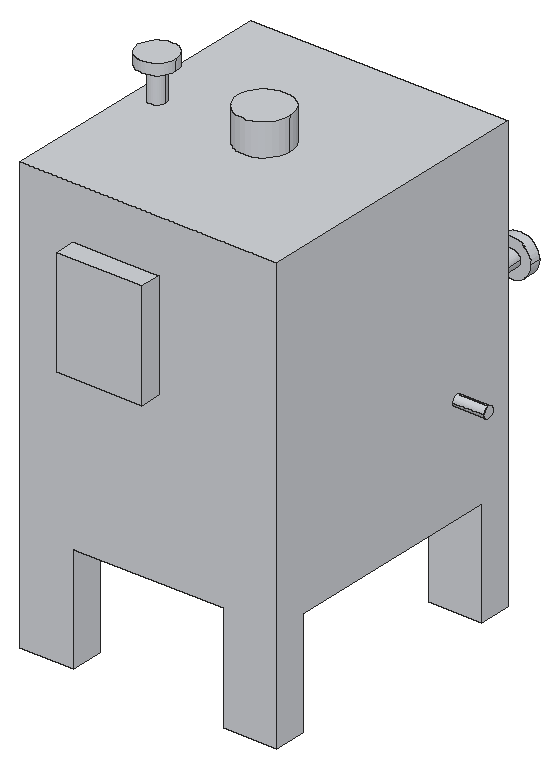
Revit family "M_Caldeira aquatubular - 44-733 kW", category Equipamento mecânico, Revit 2019
Family settings
  Cota do conector redondo = Usar raio
  Tipo de parte = Normal
  Número OmniClass = 23.75.10.11.14.34
  Título OmniClass = Steel Water-Tube Boilers
  ID de item do Seek = Watertube Boiler - 44-733 kW-0000-CAN-ENU
  Com base no plano de trabalho = Não
  Sempre na vertical = Sim
  Corte com vazios quando carregada = Não
  Compartilhado = Não
  Ponto de cálculo do ambiente = Não
Parameters (values of type "44 kW")
  Volume de água [instance] = 0.368 m³
  Queda de pressão da água [instance] = 1800.0 Pa
  Fluxo da água [instance] = 1.89 L/s
  Voltagem = 120 V
  Raio da ventilação = 62.5 mm
  Diâmetro da ventilação = Raio da ventilação * 2  # 125 mm
  Comprimento da tubulação 2 = Comprimento da tubulação 1  # 51 mm
  Comprimento da tubulação 1 = 51 mm
  Altura da tubulação 1 = 692 mm
  Calor de saída [instance] = 36500 W
  Número de pólos = 1
  Calor de entrada [instance] = 44000 W
  Raio da água quente = Raio da água gelada  # 20 mm
  Diâmetro da água quente = Raio da água quente * 2  # 40 mm
  Superfície do aquecimento = 1.951 m²
  Raio do gás = 10 mm
  Fluxo de gás [instance] = 0.0 L/s
  Diâmetro do gás = Raio do gás * 2  # 20 mm
  Raio da água quente da flange = Raio da água quente + 25 mm  # 45 mm
  Raio da água fria da flange = Raio da água gelada + 25 mm  # 45 mm
  Fluxo do ar de exaustão [instance] = 0.0 L/s
  Raio da água gelada = 20 mm
  Diâmetro da água gelada = Raio da água gelada * 2  # 40 mm
  Largura da caldeira = 686 mm
  Material do boiler = none
  Comprimento da caldeira = 610 mm
  Altura da caldeira = 1035 mm
  BHP [instance] = 3.7
  Carga aparente = 120 VA
Types (9, lengths in mm): name | Volume de água | Queda de pressão da água | Fluxo da água | Raio da ventilação | Diâmetro da ventilação | Comprimento da tubulação 2 | Comprimento da tubulação 1 | Altura da tubulação 1 | Calor de saída | Calor de entrada | Raio da água quente | Diâmetro da água quente | Superfície do aquecimento | Raio do gás | Diâmetro do gás | Raio da água quente da flange | Raio da água fria da flange | Raio da água gelada | Diâmetro da água gelada | Largura da caldeira | Comprimento da caldeira | Altura da caldeira | BHP
  (no name) | 0.368 m³ | 1800.0 Pa | 1.89 L/s | 62.5 | 125 | 51 | 51 | 692 | 36500 W | 44000 W | 20 | 40 | 1.951 m² | 10 | 20 | 45 | 45 | 20 | 40 | 686 | 610 | 1035 | 3.7
  44 kW | 0.368 m³ | 1800.0 Pa | 1.89 L/s | 62.5 | 125 | 51 | 51 | 692 | 36500 W | 44000 W | 20 | 40 | 1.951 m² | 10 | 20 | 45 | 45 | 20 | 40 | 686 | 610 | 1035 | 3.7
  73 kW | 0.453 m³ | 2800.0 Pa | 2.52 L/s | 87.5 | 175 | 51 | 51 | 692 | 61000 W | 73000 W | 20 | 40 | 3.066 m² | 10 | 20 | 45 | 45 | 20 | 40 | 686 | 864 | 1035 | 6.2
  103 kW | 0.538 m³ | 4800.0 Pa | 3.15 L/s | 100 | 200 | 51 | 51 | 692 | 85000 W | 103000 W | 20 | 40 | 4.274 m² | 10 | 20 | 45 | 45 | 20 | 40 | 686 | 1118 | 1035 | 8.7
  185 kW | 1.133 m³ | 7200.0 Pa | 3.79 L/s | 125 | 250 | 76 | 76 | 737 | 153000 W | 185000 W | 20 | 40 | 7.711 m² | 12.5 | 25 | 45 | 45 | 20 | 40 | 813 | 1175 | 1130 | 15.6
  246 kW | 1.331 m³ | 9600.0 Pa | 4.42 L/s | 150 | 300 | 76 | 76 | 737 | 204000 W | 246000 W | 20 | 40 | 10.312 m² | 12.5 | 25 | 45 | 45 | 20 | 40 | 813 | 1480 | 1130 | 20.8
  308 kW | 1.869 m³ | 1800.0 Pa | 6.31 L/s | 175 | 350 | 83 | 83 | 768 | 255000 W | 308000 W | 40 | 80 | 12.542 m² | 12.5 | 25 | 65 | 65 | 40 | 80 | 902 | 1315 | 1289 | 26
  440 kW | 2.294 m³ | 4500.0 Pa | 9.46 L/s | 200 | 400 | 83 | 83 | 768 | 365000 W | 440000 W | 40 | 80 | 17.837 m² | 12.5 | 25 | 65 | 65 | 40 | 80 | 902 | 1746 | 1289 | 37.2
  733 kW | 3.823 m³ | 7400.0 Pa | 12.62 L/s | 250 | 500 | 89 | 89 | 826 | 608000 W | 733000 W | 40 | 80 | 30.379 m² | 20 | 40 | 65 | 65 | 40 | 80 | 1130 | 1797 | 1486 | 62
Reference planes
  plane 1 "Centro (Frente/Trás)": y = 0
  plane 2: z = 0
  plane 3 "Centro (Esquerda/Direita)": x = 0
  plane 4: x = 610
  plane 5: y = 686
  plane 6: x = 51
  plane 7: x = 305
  plane 8: y = 343
  plane 9: x = 559
  plane 10: y = 762.2
  plane 11: y = 787.6
  plane 12: y = 533.6
  plane 13: x = 686.2
  plane 14: y = -50.8
  plane 15: x = 127
  plane 16: x = 330.2
  plane 17: z = 1035
  plane 18: z = 254
  plane 19: x = 483
  plane 20: x = 127
  plane 21: z = 177.8
  plane 22: z = 508
  plane 23: z = 692
  plane 24: z = 1111.2
  plane 25: z = 1136.6
  plane 26: y = 203.2
  plane 27: x = 356
  plane 28: z = 908
  plane 29: z = 654
  plane 30: y = 609.8
  plane 31: y = 76.2
Forms (mm)
  Extrusion 1, solid, material <- "Material do boiler"
    sketch origin (0, 0, 0) x (1, 0, 0) y (0, 1, 0)
      loop
        line (0, 686) -> (0, 0) -> (610, 0) -> (610, 686) -> (0, 686)
    from 254 to 1035
  Extrusion 2, solid, material <- "Material do boiler"
    sketch origin (0, 0, 0) x (1, 0, 0) y (0, 1, 0)
      loop
        circle (51, 343) r 20
    from 1035 to 1111.2
  Extrusion 3, solid, material <- "Material do boiler"
    sketch origin (0, 0, 0) x (1, 0, 0) y (0, 1, 0)
      loop
        circle (305, 343) r 62.5
    from 1035 to 1111.2
  Extrusion 4, solid, material <- "Material do boiler"
    sketch origin (0, 0, 0) x (1, 0, 0) y (0, 1, 0)
      loop
        line (127, 0) -> (127, -50.8) -> (330.2, -50.8) -> (330.2, 0) -> (127, 0)
    from 654 to 908
  Extrusion 5, solid, material <- "Material do boiler"
    sketch origin (0, 0, 0) x (1, 0, 0) y (0, 1, 0)
      loop
        circle (51, 343) r 45
    from 1111.2 to 1136.6
  Extrusion 6, solid, material <- "Material do boiler"
    sketch origin (0, 0, 0) x (1, 0, 0) y (0, 0, 1)
      loop
        circle (559, 692) r 20
    from -762.2 to -686
  Extrusion 7, solid, material <- "Material do boiler"
    sketch origin (0, 0, 0) x (1, 0, 0) y (0, 0, 1)
      loop
        circle (559, 692) r 45
    from -787.6 to -762.2
  Extrusion 8, solid, material <- "Material do boiler"
    sketch origin (0, 0, 0) x (0, 1, 0) y (0, 0, 1)
      loop
        circle (533.6, 508) r 12.7
    from 610 to 686.2
  Extrusion 9, solid, material <- "Material do boiler"
    sketch origin (0, 0, 0) x (1, 0, 0) y (0, 1, 0)
      loop
        circle (356, 203.2) r 10
    from 177.8 to 254
  Extrusion 10, solid, material <- "Material do boiler"
    sketch origin (0, 0, 0) x (1, 0, 0) y (0, 0, 1)
      loop
        line (610, 254) -> (483, 254) -> (483, 0) -> (610, 0) -> (610, 254)
    from 0 to -76.2
  Extrusion 11, solid, material <- "Material do boiler"
    sketch origin (609.6, 0, 0) x (-1, 0, 0) y (0, 0, -1)
      loop
        line (609.6, -254) -> (609.6, 0) -> (482.6, 0) -> (482.6, -254) -> (609.6, -254)
    from 0 to -76.2
  Extrusion 12, solid, material <- "Material do boiler"
    sketch origin (0, 685.8, 0) x (1, 0, 0) y (0, 0, -1)
      loop
        line (610, -254) -> (610, 0) -> (483, 0) -> (483, -254) -> (610, -254)
    from 0.2 to -76
  Extrusion 13, solid, material <- "Material do boiler"
    sketch origin (609.6, 685.8, 0) x (-1, 0, 0) y (0, 0, 1)
      loop
        line (609.6, 254) -> (482.6, 254) -> (482.6, 0) -> (609.6, 0) -> (609.6, 254)
    from 0.2 to -76
  Extrusion 14, solid, material <- "Material do boiler", detail levels fine
    sketch origin (0, 0, 0) x (1, 0, 0) y (0, 0, 1)
      loop
        circle (559, 692) r 45
    from -787.6 to -762.2
  Extrusion 15, solid, material <- "Material do boiler", detail levels fine
    sketch origin (0, 0, 0) x (1, 0, 0) y (0, 0, 1)
      loop
        circle (559, 692) r 20
    from -762.2 to -686
  Extrusion 16, solid, material <- "Material do boiler", detail levels fine
    sketch origin (0, 0, 0) x (0, 1, 0) y (0, 0, 1)
      loop
        circle (533.6, 508) r 12.7
    from 610 to 686.2
Cuts and joins
  joined: Extrusion 1, Extrusion 2, Extrusion 3, Extrusion 4, Extrusion 5, Extrusion 10, Extrusion 11, Extrusion 12, Extrusion 13
Lines and regions (mm)
  symbolic lines, detail levels coarse+medium
    curve 1: line (559, 686, 0) -> (559, 787.6, 0)
    curve 2: line (610, 533.6, 0) -> (686.2, 533.6, 0)
  symbolic lines, detail levels fine
    curve 3: line (514, 762.2, 0) -> (514, 787.6, 0)
    curve 4: line (604, 762.2, 0) -> (514, 762.2, 0)
    curve 5: line (604, 787.6, 0) -> (604, 762.2, 0)
    curve 6: line (579, 762.2, 0) -> (579, 686, 0)
    curve 7: line (539, 762.2, 0) -> (539, 686, 0)
    curve 8: line (686.2, 520.9, 0) -> (686.2, 546.3, 0)
    curve 9: line (610, 546.3, 0) -> (686.2, 546.3, 0)
    curve 10: line (610, 520.9, 0) -> (686.2, 520.9, 0)
    curve 11: line (0, 686, 0) -> (0, 0, 0)
    curve 12: line (610, 0, 0) -> (610, 686, 0)
    curve 13: line (0, 0, 0) -> (610, 0, 0)
    curve 14: line (330.2, -50.8, 0) -> (330.2, 0, 0)
    curve 15: line (127, -50.8, 0) -> (330.2, -50.8, 0)
    curve 16: line (127, 0, 0) -> (127, -50.8, 0)
    curve 17: circle (51, 343, 0) r 45 normal (0, 0, 1)
    curve 18: circle (305, 343, 0) r 62.5 normal (0, 0, 1)
Dimensions and locks
  equal spacing: plane 3 "Centro (Esquerda/Direita)", plane 7, plane 4
  "Comprimento da caldeira": plane 3 "Centro (Esquerda/Direita)" to plane 4
  equal spacing: plane 1 "Centro (Frente/Trás)", plane 8, plane 5
  "Largura da caldeira": plane 1 "Centro (Frente/Trás)" to plane 5
  "Comprimento da tubulação 2": plane 3 "Centro (Esquerda/Direita)" to plane 6
  "Comprimento da tubulação 1": plane 9 to plane 4
  locked: plane 5 to plane 10 at 76.2
  locked: plane 10 to plane 11 at 25.4
  locked: plane 12 to plane 5 at 152.4
  locked: plane 4 to plane 13 at 76.2
  locked: plane 14 to plane 1 "Centro (Frente/Trás)" at 50.8
  locked: plane 3 "Centro (Esquerda/Direita)" to plane 15 at 127
  locked: plane 15 to plane 16 at 203.2
  "Altura da caldeira": plane 2 to plane 17
  locked: plane 2 to plane 18 at 254
  locked: plane 4 to plane 19 at 127
  locked: plane 20 to plane 3 "Centro (Esquerda/Direita)" at 127
  locked: plane 21 to plane 18 at 76.2
  locked: plane 2 to plane 22 at 508
  "Altura da tubulação 1": plane 2 to plane 23
  locked: plane 17 to plane 24 at 76.2
  locked: plane 24 to plane 25 at 25.4
  locked: plane 1 "Centro (Frente/Trás)" to plane 26 at 203.2
  locked: plane 17 to plane 28 at 127
  locked: plane 28 to plane 29 at 254
  locked: plane 27 to plane 4 at 254
  equal spacing: curve 3, plane 9, curve 5
  "Raio da água fria da flange": plane 9 to curve 5
  equal spacing: curve 7, plane 9, curve 6
  "Raio da água gelada": plane 9 to curve 6
  locked: curve 10 to curve 9 at 25.4
  locked: plane 30 to plane 5 at 76.2
  locked: plane 1 "Centro (Frente/Trás)" to plane 31 at 76.2
  "Raio da água quente": radius of Extrusion 2 sketch curve
  "Raio da ventilação": radius of Extrusion 3 sketch curve
  "Raio da água quente da flange": radius of Extrusion 5 sketch curve
  "Raio da água gelada": radius of Extrusion 6 sketch curve
  "Raio da água fria da flange": radius of Extrusion 7 sketch curve
  "Raio do gás": radius of Extrusion 9 sketch curve
  "Raio da água quente da flange": radius of curve 17
  "Raio da ventilação": radius of curve 18
  "Raio da água fria da flange": radius of Extrusion 14 sketch curve
  "Raio da água gelada": radius of Extrusion 15 sketch curve
  radius of Extrusion 16 sketch curve = 12.7 mm
  aligned and locked: Extrusion 1 to plane 5
  aligned and locked: plane 4 to Extrusion 1  (x3)
  aligned and locked: plane 1 "Centro (Frente/Trás)" to Extrusion 1
  aligned and locked: Extrusion 1 to plane 3 "Centro (Esquerda/Direita)"  (x2)
  aligned and locked: plane 8 to Extrusion 2 sketch curve
  aligned and locked: plane 6 to Extrusion 2 sketch curve
  aligned and locked: plane 7 to Extrusion 3 sketch curve
  aligned and locked: plane 8 to Extrusion 3 sketch curve
  aligned and locked: Extrusion 4 to plane 1 "Centro (Frente/Trás)"
  aligned and locked: plane 16 to Extrusion 4
  aligned and locked: plane 14 to Extrusion 4
  aligned and locked: Extrusion 4 to plane 15
  aligned and locked: plane 17 to Extrusion 1
  aligned and locked: Extrusion 1 to plane 18
  aligned and locked: plane 24 to Extrusion 3
  aligned and locked: Extrusion 3 to plane 17
  aligned and locked: plane 24 to Extrusion 2
  aligned and locked: Extrusion 2 to plane 17
  aligned and locked: plane 6 to Extrusion 5 sketch curve
  aligned and locked: plane 8 to Extrusion 5 sketch curve
  aligned and locked: plane 25 to Extrusion 5
  aligned and locked: Extrusion 5 to plane 24
  aligned and locked: plane 9 to Extrusion 6 sketch curve
  aligned and locked: plane 23 to Extrusion 6 sketch curve
  aligned and locked: plane 9 to Extrusion 7 sketch curve
  aligned and locked: plane 23 to Extrusion 7 sketch curve
  aligned and locked: Extrusion 6 to plane 10
  aligned and locked: plane 5 to Extrusion 6
  aligned and locked: plane 10 to Extrusion 7
  aligned and locked: Extrusion 7 to plane 11
  aligned and locked: plane 13 to Extrusion 8
  aligned and locked: Extrusion 8 to plane 4
  aligned and locked: plane 26 to Extrusion 9 sketch curve
  aligned and locked: plane 27 to Extrusion 9 sketch curve
  aligned and locked: plane 18 to Extrusion 9
  aligned and locked: Extrusion 9 to plane 21
  aligned and locked: plane 28 to Extrusion 4
  aligned and locked: Extrusion 4 to plane 29
  aligned and locked: Extrusion 4 to plane 20
  aligned and locked: Extrusion 10 to plane 19  (x2)
  aligned and locked: plane 4 to Extrusion 10  (x2)
  aligned and locked: Extrusion 10 to plane 2  (x2)
  aligned and locked: plane 18 to Extrusion 10  (x2)
  aligned and locked: Extrusion 10 to plane 1 "Centro (Frente/Trás)"
  aligned and locked: plane 19 to Extrusion 10
  aligned and locked: plane 20 to Extrusion 11
  aligned and locked: plane 1 "Centro (Frente/Trás)" to Extrusion 11
  aligned and locked: Extrusion 11 to plane 3 "Centro (Esquerda/Direita)"  (x2)
  aligned and locked: plane 18 to Extrusion 11
  aligned and locked: plane 20 to Extrusion 13
  aligned and locked: Extrusion 12 to plane 19  (x2)
  aligned and locked: Extrusion 13 to plane 5
  aligned and locked: Extrusion 12 to plane 5
  aligned and locked: plane 19 to Extrusion 12
  aligned and locked: Extrusion 13 to plane 3 "Centro (Esquerda/Direita)"  (x2)
  aligned and locked: Extrusion 13 to plane 2
  aligned and locked: plane 18 to Extrusion 13
  aligned and locked: plane 18 to Extrusion 12
  aligned and locked: plane 4 to Extrusion 12
  aligned and locked: Extrusion 12 to plane 2
  aligned and locked: plane 9 to curve 1
  aligned and locked: plane 12 to curve 2
  aligned and locked: curve 4 to plane 10
  aligned and locked: Extrusion 8 to curve 8
  aligned and locked: plane 12 to Extrusion 8 sketch curve
  aligned and locked: plane 22 to Extrusion 8 sketch curve
  aligned and locked: curve 11 to Extrusion 1
  aligned and locked: curve 12 to Extrusion 1
  aligned and locked: curve 13 to Extrusion 1
  aligned and locked: curve 15 to Extrusion 4
  aligned and locked: curve 16 to Extrusion 4
  aligned and locked: plane 8 to curve 17
  aligned and locked: plane 6 to curve 17
  aligned and locked: plane 7 to curve 18
  aligned and locked: plane 8 to curve 18
  aligned and locked: plane 30 to Extrusion 12
  aligned and locked: plane 30 to Extrusion 13
  aligned and locked: Extrusion 10 to plane 31
  aligned and locked: Extrusion 11 to plane 31
  aligned and locked: plane 9 to Extrusion 14 sketch curve
  aligned and locked: plane 23 to Extrusion 14 sketch curve
  aligned and locked: plane 9 to Extrusion 15 sketch curve
  aligned and locked: plane 23 to Extrusion 15 sketch curve
  aligned and locked: Extrusion 14 to plane 11
  aligned and locked: plane 10 to Extrusion 14
  aligned and locked: plane 5 to Extrusion 15
  aligned and locked: Extrusion 15 to plane 10
  aligned and locked: plane 12 to Extrusion 16 sketch curve
  aligned and locked: plane 22 to Extrusion 16 sketch curve
  aligned and locked: plane 13 to Extrusion 16
  aligned and locked: Extrusion 16 to plane 4
Automatic sketch dimensions
  Extrusion 1 sketch curve to plane 1 "Centro (Frente/Trás)" = 0 mm
  Extrusion 1 sketch curve to plane 3 "Centro (Esquerda/Direita)" = 0 mm
  Extrusion 1 sketch curve to plane 4 = 0 mm
  Extrusion 1 sketch curve to plane 5 = 0 mm
  Extrusion 4 sketch curve to plane 14 = 0 mm
  Extrusion 4 sketch curve to plane 15 = 0 mm
  Extrusion 4 sketch curve to plane 16 = 0 mm
  Extrusion 4 sketch curve to plane 1 "Centro (Frente/Trás)" = 0 mm
  Extrusion 10 sketch curve to plane 18 = 0 mm
  Extrusion 10 sketch curve to plane 19 = 0 mm
  Extrusion 10 sketch curve to level = 0 mm
  Extrusion 10 sketch curve to plane 4 = 0 mm
  Extrusion 11 sketch curve to plane 15 = 0 mm
  Extrusion 11 sketch curve to level = 0 mm
  Extrusion 11 sketch curve to plane 3 "Centro (Esquerda/Direita)" = 0 mm
  Extrusion 11 sketch curve to plane 18 = 0 mm
  Extrusion 12 sketch curve to plane 18 = 0 mm
  Extrusion 12 sketch curve to plane 19 = 0 mm
  Extrusion 12 sketch curve to level = 0 mm
  Extrusion 12 sketch curve to plane 4 = 0 mm
  Extrusion 13 sketch curve to plane 15 = 0 mm
  Extrusion 13 sketch curve to level = 0 mm
  Extrusion 13 sketch curve to plane 3 "Centro (Esquerda/Direita)" = 0 mm
  Extrusion 13 sketch curve to plane 18 = 0 mm
  Extrusion 8 sketch curve to plane 12 = 0 mm
  curve 14 to plane 16 = 0 mm
  plane 12 to curve 10 = 12.7 mm
  curve 7 to plane 5 = 0 mm
  curve 1 to plane 5 = 0 mm
  curve 11 to plane 5 = 0 mm
  curve 6 to plane 5 = 0 mm
  curve 12 to plane 5 = 0 mm
  curve 1 to plane 11 = 0 mm
  curve 5 to plane 11 = 0 mm
  curve 3 to plane 11 = 0 mm
  radius of Extrusion 8 sketch curve = 12.7 mm
Connectors
  piping at (51, 343, 1136.6), diameter 40, driven by "Raio da água quente", driven by "Fluxo da água", driven by "Queda de pressão da água"
    settings: on Extrusion 5, index 1, connector inside diameter 40 mm, connector length 0 mm, flow factor 0, pipe flow 1.89 L/s, pressure drop 1800.0 Pa, fitting loss kfactor 0, connector angle 0.00°, fixture units 0, engagement length 0 mm, angle of deflection 0.00°, flow configuration 0, flow direction 2, fitting loss method 4, system type 7, joint type 0, gender type 0, connector reference index 2, connector utility 0, adjustable connector no, is connector primary yes, connector description "Saída de água quente"
  piping at (559, 787.6, 692), diameter 40, driven by "Raio da água gelada", driven by "Fluxo da água"
    settings: on Extrusion 7, index 2, connector inside diameter 40 mm, connector length 0 mm, flow factor 0, pipe flow 1.89 L/s, pressure drop 0.0 Pa, fitting loss kfactor 0, connector angle 0.00°, fixture units 0, engagement length 0 mm, angle of deflection 0.00°, flow configuration 0, flow direction 1, fitting loss method 0, system type 8, joint type 0, gender type 0, connector reference index 1, connector utility 0, adjustable connector no, is connector primary no, connector description "Entrada de água gelada"
  piping at (356, 203.2, 177.8), diameter 20, driven by "Raio do gás", driven by "Fluxo de gás"
    settings: on Extrusion 9, index 3, connector inside diameter 20 mm, connector length 0 mm, flow factor 0, pipe flow 0.0 L/s, pressure drop 0.0 Pa, fitting loss kfactor 0, connector angle 0.00°, fixture units 0, engagement length 0 mm, angle of deflection 0.00°, flow configuration 1, flow direction 1, fitting loss method 0, system type 22, joint type 0, gender type 0, connector reference index -1, connector utility 0, adjustable connector no, is connector primary no, connector description "Entrada de gás"
  hvac at (305, 343, 1111.2), driven by "Raio da ventilação", driven by "Fluxo do ar de exaustão"
    settings: on Extrusion 3, index 4, duct flow 0.0 L/s, flow factor 0, pres drop 0.0 Pa, loss coef 0, conn angle 0.00°, conn width 304.8 mm, conn height 304.8 mm, conn diameter 125 mm, duct sys type 3, conn prof type 0, flow config 1, flow direction 2, loss method 0, conn ref index -1, conn util no, is conn primary yes, conn desc ""
  piping at (686.2, 533.6, 508), diameter 25
    settings: on Extrusion 8, index 5, connector inside diameter 25 mm, connector length 0 mm, flow factor 0, pipe flow 0.0 L/s, pressure drop 0.0 Pa, fitting loss kfactor 0, connector angle 0.00°, fixture units 0, engagement length 0 mm, angle of deflection 0.00°, flow configuration 1, flow direction 2, fitting loss method 0, system type 16, joint type 0, gender type 0, connector reference index -1, connector utility 0, adjustable connector yes, is connector primary no, connector description "Saída da drenagem"
  electrical at (228.6, -50.8, 781)
    settings: on Extrusion 4, index 6, voltage 0 V, apparent load 0 VA, apparent load phase1 0 VA, apparent load phase2 0 VA, apparent load phase3 0 VA, power factor 1, load classification "Outros", number of poles 1, system type 13, power factor state 1, is connector primary yes, connector utility no, sub classification motor no, connector description ""
